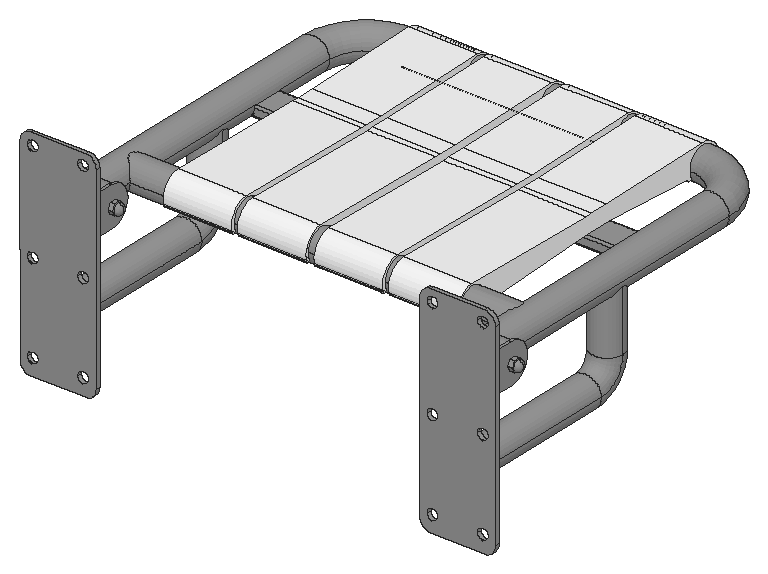
Revit family "706530001_Silla Plegable Ducha", category Plumbing Fixtures, host Wall, Revit 2020
Family settings
  Host = Wall
  Round Connector Dimension = Use Diameter
  Part Type = Normal
  OmniClass Number = 23.31.17.23
  OmniClass Title = Shower Seats
  Always vertical = Yes
  Cut with Voids When Loaded = No
  Shared = No
  Room Calculation Point = No
Parameters (values of type "Type 1")
  Uso = "Institucional"  # constant formula
  URL = "https://corona.co/productos/accesorios/silla-de-seguridad-plegable-para-ducha/p/706530001"
  Referencia = "706530001"  # constant formula
  Profundidad = 360 mm
  Model = "Silla Plegable"  # constant formula
  Material 2 = Corona_Plastico_Blanco
  Material = Corona_Acero inoxidable
  Manufacturer = "Corona"  # constant formula
  Garantía = "1 Año"  # constant formula
  Fecha de creación = "15/04/2021"  # constant formula
  Description = " Un elemento para el apoyo, seguridad y protección para los usuarios; además, sobrepasa la prueba de carga exigida por norma de 150kg y con aguante por encima de 300kg"  # constant formula
  Default Elevation = 0 mm
  Creado por = "BIMBAU"  # constant formula
  Ancho = 438 mm
  Alto = 201 mm
Reference planes
  plane 1 "Wall": y = 0
  plane 2 "Center (Left/Right)": x = 125
  plane 3 "Back": y = 75
  plane 4: z = 474.5
  plane 5: z = 675.5
  plane 6: x = 344
  plane 7: x = -94
  plane 8: y = 435
  plane 9: y = 255
Forms (mm)
  Extrusion 1, solid, material "Corona_Acero inoxidable" <- "Material", detail levels coarse
    sketch origin (0, 0, 0) x (1, 0, 0) y (0, 0, 1)
      loop
        line (344, 675.5) -> (-94, 675.5) -> (-94, 474.5) -> (344, 474.5) -> (344, 675.5)
    from -75 to -434.184
Text (mm)
  text "Placement Side" at (-1848.837, 1116.779, 0), in view "Ref. Level"
  text "Placement side" at (0, 1409.804, 2854.306), in view "Left"
  text "Placement side" at (0, 499.811, 2980.732), in view "Right"
Dimensions and locks
  locked: plane 3 "Back" to host wall
  "Alto": plane 4 to plane 5
  "Profundidad": plane 3 "Back" to plane 8
  equal spacing: plane 8, plane 9, plane 3 "Back"
  equal spacing: plane 7, plane 2 "Center (Left/Right)", plane 6
  "Ancho": plane 7 to plane 6
  aligned and locked: plane 1 "Wall" to host wall
  aligned and locked: nested 1 to host wall
Automatic sketch dimensions
  Extrusion 1 sketch curve to plane 5 = 0 mm
  plane 7 to Extrusion 1 sketch curve = 0 mm
  Extrusion 1 sketch curve to plane 4 = 0 mm
  Extrusion 1 sketch curve to plane 6 = 0 mm
Nested families
  nested 1: "Silla Plegale Ducha" at (125, 246.5, 500) x (-1, 0, 0) z (0, 0, 1), type "Silla Plegale Ducha", detail levels medium+fine
  nested 2: "Silla Plegale Ducha" at (125, 246.5, 500) x (-1, 0, 0) z (0, 0, 1), type "Silla Plegale Ducha", not visible, detail levels medium+fine
Definition of nested family "Silla Plegale Ducha"
  Parameters (values of type "Silla Plegale Ducha")
    Material 2 = none
    Material = none
    Default Elevation = 0 mm
  Reference planes
    plane 1 "Center (Front/Back)": y = 0
    plane 2: z = 0
    plane 3 "Center (Left/Right)": x = 0
    plane 4: x = 184
    plane 5: x = -184
    plane 6: y = 171.5
    plane 7: y = -171.5
    plane 8: z = 120.5
  Forms (mm)
    Sweep 1, solid, material <- "Material"
      path origin (0, 0, 0) x (1, 0, 0) y (0, 1, 0)
        loop
          line (-184, 143.5) -> (-184, -121.5)
          arc (-184, -121.5) -> (-169.355, -156.855) -> (-134, -171.5) r 50
          line (-134, -171.5) -> (134, -171.5)
          arc (134, -171.5) -> (169.355, -156.855) -> (184, -121.5) r 50
          line (184, -121.5) -> (184, 143.5)
      profile origin (-184, 11, 0) x (1, 0, 0) y (0, 0, 1)
        loop
          circle (0, 120.5) r 15
    Sweep 2, solid, material <- "Material"
      path origin (0, 7.5, 0) x (1, 0, 0) y (0, 1, 0)
        loop
          line (-184, 86.5) -> (184, 86.5)
      profile origin (0, 94, 0) x (0, 1, 0) y (0, 0, 1)
        loop
          circle (0, 120.5) r 14.5
    Extrusion 3, solid, material <- "Material"
      sketch origin (0, 0, 0) x (1, 0, 0) y (0, 0, 1)
        loop
          line (-159, 175.5) -> (-209, 175.5)
          arc (-209, 175.5) -> (-216.071, 172.571) -> (-219, 165.5) r 10
          line (-219, 165.5) -> (-219, -15.5)
          arc (-219, -15.5) -> (-216.071, -22.571) -> (-209, -25.5) r 10
          line (-209, -25.5) -> (-159, -25.5)
          arc (-159, -25.5) -> (-151.929, -22.571) -> (-149, -15.5) r 10
          line (-149, -15.5) -> (-149, 165.5)
          arc (-149, 165.5) -> (-151.929, 172.571) -> (-159, 175.5) r 10
        loop
          circle (-207.21, 164.976) r 5
        loop
          circle (-207.21, 72.476) r 5
        loop
          circle (-207.21, -10.024) r 5
        loop
          circle (-160.79, 164.976) r 5
        loop
          circle (-160.79, 72.476) r 5
        loop
          circle (-160.79, -10.024) r 5
        loop
          line (209, 175.5) -> (159, 175.5)
          arc (159, 175.5) -> (151.929, 172.571) -> (149, 165.5) r 10
          line (149, 165.5) -> (149, -15.5)
          arc (149, -15.5) -> (151.929, -22.571) -> (159, -25.5) r 10
          line (159, -25.5) -> (209, -25.5)
          arc (209, -25.5) -> (216.071, -22.571) -> (219, -15.5) r 10
          line (219, -15.5) -> (219, 165.5)
          arc (219, 165.5) -> (216.071, 172.571) -> (209, 175.5) r 10
        loop
          circle (160.79, 164.976) r 5
        loop
          circle (160.79, 72.476) r 5
        loop
          circle (160.79, -10.024) r 5
        loop
          circle (207.21, 164.976) r 5
        loop
          circle (207.21, 72.476) r 5
        loop
          circle (207.21, -10.024) r 5
      from -171.5 to -167.986
    Extrusion 4, solid, material <- "Material"
      sketch origin (0, 0, 0) x (0, 1, 0) y (0, 0, 1)
        loop
          arc (144.478, 138.625) -> (126.353, 120.5) -> (144.478, 102.375) r 18.125
          line (144.478, 102.375) -> (167.986, 102.375) -> (167.986, 138.625) -> (144.478, 138.625)
      from -211.542 to -209.271
    Extrusion 5, solid, material <- "Material"
      sketch origin (-368, 0, 0) x (0, 1, 0) y (0, 0, -1)
        loop
          line (144.478, -138.625) -> (167.986, -138.625) -> (167.986, -102.375) -> (144.478, -102.375)
          arc (144.478, -102.375) -> (126.353, -120.5) -> (144.478, -138.625) r 18.125
      from -211.542 to -209.271
    Extrusion 6, solid, material <- "Material"
      sketch origin (0, 0, 0) x (0, 1, 0) y (0, 0, 1)
        loop
          circle (143.408, 120.5) r 15.5
      from -209.271 to -158.729
    Extrusion 7, solid, material <- "Material"
      sketch origin (0, 0, 0) x (0, 1, 0) y (0, 0, -1)
        loop
          line (144.478, -138.625) -> (167.986, -138.625) -> (167.986, -102.375) -> (144.478, -102.375)
          arc (144.478, -102.375) -> (126.353, -120.5) -> (144.478, -138.625) r 18.125
      from -211.542 to -209.271
    Extrusion 8, solid, material <- "Material"
      sketch origin (368, 0, 0) x (0, 1, 0) y (0, 0, 1)
        loop
          arc (144.478, 138.625) -> (126.353, 120.5) -> (144.478, 102.375) r 18.125
          line (144.478, 102.375) -> (167.986, 102.375) -> (167.986, 138.625) -> (144.478, 138.625)
      from -211.542 to -209.271
    Extrusion 9, solid, material <- "Material"
      sketch origin (0, 0, 0) x (0, 1, 0) y (0, 0, -1)
        loop
          circle (143.408, -120.5) r 15.5
      from -209.271 to -158.729
    Revolve 10, solid, material <- "Material"
      sketch origin (0, 143.75, 0) x (1, 0, 0) y (0, 0, 1)
        loop
          line (-216.6, 120.5) -> (-216.6, 125.5)
          arc (-216.6, 125.5) -> (-220.135, 124.036) -> (-221.6, 120.5) r 5
          line (-221.6, 120.5) -> (-216.6, 120.5)
        loop
          line (-151.4, 120.5) -> (-146.4, 120.5)
          arc (-146.4, 120.5) -> (-147.865, 124.036) -> (-151.4, 125.5) r 5
          line (-151.4, 125.5) -> (-151.4, 120.5)
        axis (-221.6, 120.5) -> (-146.4, 120.5)
      angle from 0 to 360
    Extrusion 11, solid, material <- "Material"
      sketch origin (0, 0, 0) x (0, 1, 0) y (0, 0, 1)
        loop
          line (146.743, 115.501) -> (149.63, 120.5) -> (146.743, 125.499) -> (140.971, 125.499) -> (138.085, 120.5) -> (140.971, 115.501) -> (146.743, 115.501)
      from -216.6 to -211.542
    Extrusion 12, solid, material <- "Material"
      sketch origin (-368, 0, 0) x (0, 1, 0) y (0, 0, -1)
        loop
          line (146.743, -115.501) -> (140.971, -115.501) -> (138.085, -120.5) -> (140.971, -125.499) -> (146.743, -125.499) -> (149.63, -120.5) -> (146.743, -115.501)
      from -216.6 to -211.542
    Revolve 13, solid, material <- "Material"
      sketch origin (0, 143.75, 0) x (-1, 0, 0) y (0, 0, -1)
        loop
          line (-216.6, -120.5) -> (-221.6, -120.5)
          arc (-221.6, -120.5) -> (-220.135, -124.036) -> (-216.6, -125.5) r 5
          line (-216.6, -125.5) -> (-216.6, -120.5)
        loop
          line (-151.4, -120.5) -> (-151.4, -125.5)
          arc (-151.4, -125.5) -> (-147.865, -124.036) -> (-146.4, -120.5) r 5
          line (-146.4, -120.5) -> (-151.4, -120.5)
        axis (-221.6, -120.5) -> (-146.4, -120.5)
      angle from 0 to 360
    Extrusion 14, solid, material <- "Material"
      sketch origin (0, 0, 0) x (0, 1, 0) y (0, 0, -1)
        loop
          line (146.743, -115.501) -> (140.971, -115.501) -> (138.085, -120.5) -> (140.971, -125.499) -> (146.743, -125.499) -> (149.63, -120.5) -> (146.743, -115.501)
      from -216.6 to -211.542
    Extrusion 15, solid, material <- "Material"
      sketch origin (368, 0, 0) x (0, 1, 0) y (0, 0, 1)
        loop
          line (146.743, 115.501) -> (149.63, 120.5) -> (146.743, 125.499) -> (140.971, 125.499) -> (138.085, 120.5) -> (140.971, 115.501) -> (146.743, 115.501)
      from -216.6 to -211.542
    Sweep 16, solid, material <- "Material"
      path origin (0, -10, 0) x (1, 0, 0) y (0, 1, 0)
        loop
          line (-184, -40) -> (184, -40)
      profile origin (0, -50, 0) x (0, 1, 0) y (0, 0, 1)
        loop
          line (0, 120.5) -> (-13.5, 120.5)
          arc (-13.5, 120.5) -> (-14.561, 120.061) -> (-15, 119) r 1.5
          line (-15, 119) -> (-15, 112)
          arc (-15, 112) -> (-14.561, 110.939) -> (-13.5, 110.5) r 1.5
          line (-13.5, 110.5) -> (13.5, 110.5)
          arc (13.5, 110.5) -> (14.561, 110.939) -> (15, 112) r 1.5
          line (15, 112) -> (15, 119)
          arc (15, 119) -> (14.561, 120.061) -> (13.5, 120.5) r 1.5
          line (13.5, 120.5) -> (0, 120.5)
    Sweep 17, solid, material <- "Material"
      path origin (0, 0, 0) x (0, 1, 0) y (0, 0, 1)
        loop
          line (167.986, 35) -> (25, 35)
          arc (25, 35) -> (7.322, 42.322) -> (0, 60) r 25
          line (0, 60) -> (0, 120.5)
      profile origin (0, 96.493, 35) x (0, 0, -1) y (1, 0, 0)
        loop
          circle (0, 184) r 14.5
    Sweep 18, solid, material <- "Material"
      path origin (0, 0, 0) x (0, 1, 0) y (0, 0, -1)
        loop
          line (167.986, -35) -> (25, -35)
          arc (25, -35) -> (7.322, -42.322) -> (0, -60) r 25
          line (0, -60) -> (0, -120.5)
      profile origin (0, 96.493, 35) x (0, 0, 1) y (-1, 0, 0)
        loop
          circle (0, 184) r 14.5
    Extrusion 19, solid, material <- "Material 2"
      sketch origin (-103.75, 0, 0) x (0, 1, 0) y (0, 0, 1)
        loop
          arc (108.327, 114.333) -> (109.048, 112.984) -> (110.477, 113.529) r 1.157
          arc (110.477, 113.529) -> (108.52, 129.609) -> (94.293, 137.353) r 17.689
          arc (94.293, 137.353) -> (28.283, 137.562) -> (-37.684, 135.168) r 1673.762
          arc (-37.684, 135.168) -> (-40.736, 135.04) -> (-43.791, 134.997) r 109.118
          line (-43.791, 134.997) -> (-60.686, 134.997)
          arc (-60.686, 134.997) -> (-116.106, 135.586) -> (-171.5, 137.353) r 2607.131
          arc (-171.5, 137.353) -> (-185.727, 129.609) -> (-187.684, 113.529) r 17.689
          arc (-187.684, 113.529) -> (-186.165, 113.022) -> (-185.595, 114.519) r 1.157
          arc (-185.595, 114.519) -> (-170.774, 136.081) -> (-157.507, 113.529) r 15.509
          arc (-157.507, 113.529) -> (-155.537, 112.335) -> (-154.129, 114.158) r 1.729
          arc (-154.129, 114.158) -> (-109.677, 118.912) -> (-65, 120.5) r 629.448
          line (-65, 120.5) -> (-35, 120.5)
          arc (-35, 120.5) -> (21.124, 120.027) -> (76.939, 114.125) r 579.458
          arc (76.939, 114.125) -> (78.366, 112.332) -> (80.32, 113.529) r 1.729
          arc (80.32, 113.529) -> (93.688, 136.085) -> (108.327, 114.333) r 15.509
      from -31.5 to 31.5
    Extrusion 20, solid, material <- "Material 2"
      sketch origin (-35.25, 0, 0) x (0, 1, 0) y (0, 0, 1)
        loop
          arc (108.327, 114.333) -> (109.048, 112.984) -> (110.477, 113.529) r 1.157
          arc (110.477, 113.529) -> (108.52, 129.609) -> (94.293, 137.353) r 17.689
          arc (94.293, 137.353) -> (28.283, 137.562) -> (-37.684, 135.168) r 1673.762
          arc (-37.684, 135.168) -> (-40.736, 135.04) -> (-43.791, 134.997) r 109.118
          line (-43.791, 134.997) -> (-60.686, 134.997)
          arc (-60.686, 134.997) -> (-116.106, 135.586) -> (-171.5, 137.353) r 2607.131
          arc (-171.5, 137.353) -> (-185.727, 129.609) -> (-187.684, 113.529) r 17.689
          arc (-187.684, 113.529) -> (-186.165, 113.022) -> (-185.595, 114.519) r 1.157
          arc (-185.595, 114.519) -> (-170.774, 136.081) -> (-157.507, 113.529) r 15.509
          arc (-157.507, 113.529) -> (-155.537, 112.335) -> (-154.129, 114.158) r 1.729
          arc (-154.129, 114.158) -> (-109.677, 118.912) -> (-65, 120.5) r 629.448
          line (-65, 120.5) -> (-35, 120.5)
          arc (-35, 120.5) -> (21.124, 120.027) -> (76.939, 114.125) r 579.458
          arc (76.939, 114.125) -> (78.366, 112.332) -> (80.32, 113.529) r 1.729
          arc (80.32, 113.529) -> (93.688, 136.085) -> (108.327, 114.333) r 15.509
      from -31.5 to 31.5
    Extrusion 21, solid, material <- "Material 2"
      sketch origin (103.75, 0, 0) x (0, 1, 0) y (0, 0, -1)
        loop
          arc (108.327, -114.333) -> (93.688, -136.085) -> (80.32, -113.529) r 15.509
          arc (80.32, -113.529) -> (78.366, -112.332) -> (76.939, -114.125) r 1.729
          arc (76.939, -114.125) -> (21.124, -120.027) -> (-35, -120.5) r 579.458
          line (-35, -120.5) -> (-65, -120.5)
          arc (-65, -120.5) -> (-109.677, -118.912) -> (-154.129, -114.158) r 629.448
          arc (-154.129, -114.158) -> (-155.537, -112.335) -> (-157.507, -113.529) r 1.729
          arc (-157.507, -113.529) -> (-170.774, -136.081) -> (-185.595, -114.519) r 15.509
          arc (-185.595, -114.519) -> (-186.165, -113.022) -> (-187.684, -113.529) r 1.157
          arc (-187.684, -113.529) -> (-185.727, -129.609) -> (-171.5, -137.353) r 17.689
          arc (-171.5, -137.353) -> (-116.106, -135.586) -> (-60.686, -134.997) r 2607.131
          line (-60.686, -134.997) -> (-43.791, -134.997)
          arc (-43.791, -134.997) -> (-40.736, -135.04) -> (-37.684, -135.168) r 109.118
          arc (-37.684, -135.168) -> (28.283, -137.562) -> (94.293, -137.353) r 1673.762
          arc (94.293, -137.353) -> (108.52, -129.609) -> (110.477, -113.529) r 17.689
          arc (110.477, -113.529) -> (109.048, -112.984) -> (108.327, -114.333) r 1.157
      from -31.5 to 31.5
    Extrusion 22, solid, material <- "Material 2"
      sketch origin (35.25, 0, 0) x (0, 1, 0) y (0, 0, -1)
        loop
          arc (108.327, -114.333) -> (93.688, -136.085) -> (80.32, -113.529) r 15.509
          arc (80.32, -113.529) -> (78.366, -112.332) -> (76.939, -114.125) r 1.729
          arc (76.939, -114.125) -> (21.124, -120.027) -> (-35, -120.5) r 579.458
          line (-35, -120.5) -> (-65, -120.5)
          arc (-65, -120.5) -> (-109.677, -118.912) -> (-154.129, -114.158) r 629.448
          arc (-154.129, -114.158) -> (-155.537, -112.335) -> (-157.507, -113.529) r 1.729
          arc (-157.507, -113.529) -> (-170.774, -136.081) -> (-185.595, -114.519) r 15.509
          arc (-185.595, -114.519) -> (-186.165, -113.022) -> (-187.684, -113.529) r 1.157
          arc (-187.684, -113.529) -> (-185.727, -129.609) -> (-171.5, -137.353) r 17.689
          arc (-171.5, -137.353) -> (-116.106, -135.586) -> (-60.686, -134.997) r 2607.131
          line (-60.686, -134.997) -> (-43.791, -134.997)
          arc (-43.791, -134.997) -> (-40.736, -135.04) -> (-37.684, -135.168) r 109.118
          arc (-37.684, -135.168) -> (28.283, -137.562) -> (94.293, -137.353) r 1673.762
          arc (94.293, -137.353) -> (108.52, -129.609) -> (110.477, -113.529) r 17.689
          arc (110.477, -113.529) -> (109.048, -112.984) -> (108.327, -114.333) r 1.157
      from -31.5 to 31.5
  Cuts and joins
    joined: Sweep 1, Sweep 2, Extrusion 6, Extrusion 9, Sweep 16, Sweep 17, Sweep 18
  Dimensions and locks
    plane 6 to plane 7 = 343 mm
    plane 5 to plane 4 = 368 mm
    aligned and locked: level to plane 2
